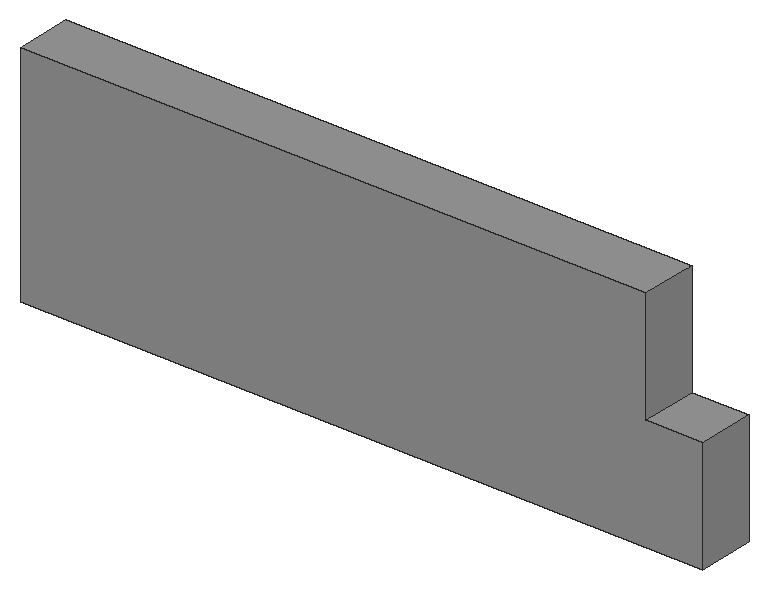
Revit family "6. Nordic_PRecta_ESP", category Generic Models, host Wall, Revit 2015
Parameters (values of type "Stonepanel® SKY Nordic. 20 cm - 60 cm")
  Ventajas de Stonepanel = "Eficaz: Instalación ágil y sencilla : 10 veces más rápido que la mampostería tradicional (Ritmo medio de colocación de 20 m2/día). Mayor rentabilidad gracias al menor desperdicio de material en obra y a la durabilidad de un producto natural frente a otros revestimientos. La colocación de los paneles no requiere mano de obra ni maquinaria especializada.\r\nSeguro: Un sistema de anclaje patentado, de acero inoxidable, que permite su instalación a más de 2 metros de altura. Base de cemento homogénea y rugosa que garantiza la adhesión y permite el corte sin desprendimiento.\r\nCalidad: Control permanente del proceso de producción desde la oficina I+D+I. Una cuidada selección de piedra natural realizada por los expertos de CUPASTONE. Disponibilidad de piezas especiales para adaptarse perfectamente a cada edificio: esquinas (macizas, rectas, dobles o para ventanas), cubremuros, y otros complementarios.\r\nEstética: Forma de “S” que evita la visión de las juntas para homogenizar el aspecto final. Gran variedad de paneles para elegir entre colores y acabados de piedra natural. La propia belleza y exclusividad de la piedra natural: Cada piedra es\r\núnica."
  Usos Indicados = "Revestimiento de Paredes exteriores e interiores en edificaciones nuevas o rehabilitaciones"
  Uniclass 2015 = "Pr_25_71_14_56 Natural stone panels"
  Uniclass 2 = "Pr_25_71_14_56 Natural stone panels"
  URL = "http://www.cupastone.es/producto/stonepanel-nilo/"
  Sistema de anclaje = "Cinta perforada en acero inoxidable:\r\n- Naturaleza del acero: AISI 316 (1.4401) o AISI 304 (1.4301)\r\n- Espesor mínimo (mm) : 0,7\r\n- Ancho (mm) : 12 a 15\r\n- Diámetro del hueco (mm) : 6 ± 1\r\n\r\nTacos:\r\nLa elección de los tacos y clavijas de fijación debe ser realizada teniendo en cuenta la acción en depresión del viento (muros exteriores) y de la resistencia de los tacos en el soporte, en función de la naturaleza del soporte."
  Resistencia al fuego = "No combustible"
  Resistencia a la flexión = "-"
  Resistencia al hielo = "Sin alteraciones despues de 50 ciclos"
  Resistencia = "Buena resistencia"
  Peso = "10 kg"
  Oxidación = "No oxida"
  Otros datos de interés del producto = "Dispone de un anclaje para instalar a alturas superiores a 2 metros"
  Omniclass = "23-15 15 15 11"
  Número de serie = "SPZ-33RB"
  NBS Reference = "45-25-45/380 Natural stone panels"
  Model = "Stonepanel® SKY Nordic"
  Material = "Panel de piedra natural de tonalidades grises y azules. Esta cuarcita transmite frescura y claridad para ofrecer un estilo sencillo y renovado."
  Limpieza = "En general, los paneles no requieren mantenimiento y son auto- limpiantes, pero la eliminación de algunos tipos de marcas pueden requerir un tratamiento especializado.\r\nEn caso de suciedad anormal, la superficie puede limpiarse con una mezcla / detergente doméstico y agua caliente , aplicada con una almohadilla de limpieza adecuado o una esponja."
  Largo = 600 mm
  Impacto = "-"
  Type Image = <None>
  Formato = "600x200"
  Forma de suministro = "Los paneles se presentan en parejas, en un embalaje plástico o en cajas de cartón de 3 o 4 piezas."
  Forma = "Forma de \"s\""
  Manufacturer = "Cupastone"
  Envejecimiento por cambio térmicos = "Sin alteraciones después de 20 ciclos."
  Ensayos realizados por SINTEF = "Ensayo a los materiales de piedra, Ensayos a los paneles, Durabilidad y absorción de agua"
  Ensayos realizados por DIBt = "Adherencia entre piedra y mortero, Adherencia entre piedra y mortero tras 50 ciclos de hielo-deshielo"
  Ensayos realizados por BBA = "Resistencia a daños por heladicidad, Resistencia a choque térmico, Adherencia entre piedra y mortero, Resistencia al arrancamiento del anclaje, Resistencia a impacto"
  Ensayos realizados por Avis Technique = "Resistencia mecánica del anclaje, Resistencia mecánica de la cinta de seguridad, Ensayo de durabilidad tras la acción del agua, Ensayo de durabilidad tras la acción del hielo, Ensayo sísmico"
  Durabilidad = "Según el certificado BBA, el sistema tiene una vida de diseño superior a 30 años."
  Detalles constructivos = "Detalles de:\r\n- Instalación con perfil metálico\r\n- Instalación de Stonepanel\r\n- Instalación en muro interior\r\n- Instalación del elemento de seguridad (cinta perforada + tacos)\r\n- Esquinas entrantes\r\n- Esquinas salientes\r\n- Esquinas salientes pre-fabricadas\r\n- Esquinas salientes mediante serrado del panel\r\n- Esquinas salientes sin continuidad de Stonepanel (caso de una fachada lateral)\r\n- Bordes superiores\r\n- Sobre parapeto\r\n- Marco de vano"
  Desfase de altura = 0 mm
  Description = "Pieza de piedra natural montada sobre una base de cemento y reforzada con una malla de fibra de vidrio .\r\nPosee sistema de anclaje patentado, de acero inoxidable, que permite su instalación a más de 2 metros de altura"
  Densidad aparente = "89 kg/m2"
  Color secundario = "Azulado"
  Color principal = "Gris"
  Certificaciones = "BBA - Reino Unido, Avis Technique - Francia, DIBt - Alemania, SINTEF - Noruega"
  Aspecto = "Contemporáneo"
  Ancho = 50 mm
  Alto = 200 mm
  Adherencia del mortero = ">1N/mm2"
  Acabado = "Natural (Opción de acabado Vintage SPZ 33TH)"
  Absorción = "Baja absorción"
Types (2, lengths in mm): name | URL
  Stonepanel® SKY Nordic | "http://www.cupastone.es/producto/stonepanel-nordic/"
  Stonepanel® SKY Nordic. 20 cm - 60 cm | "http://www.cupastone.es/producto/stonepanel-nilo/"
Reference planes
  plane 1 "Muro": y = 0
  plane 2 "Centro (Izquierda/Derecha)": x = 125
  plane 3 "Posterior": y = 75
Forms (mm)
  Extrusion 1, solid, material "Stonepanel® SKY Nordic"
    sketch origin (0, 160, 1120) x (1, 0, 0) y (0, 0, 1)
      loop
        line (125, -1120) -> (125, -1020) -> (75, -1020) -> (75, -920) -> (-475, -920) -> (-475, -1120) -> (125, -1120)
    from 35 to 85
Text (mm)
  text "Cara de colocación" at (-1848.837, 1116.779, 0), in view "Nivel de referencia"
  text "Cara de colocación" at (0, 1409.804, 2854.306), in view "Izquierda"
  text "Cara de colocación" at (0, 499.811, 2980.732), in view "Derecha"
Dimensions and locks
  locked: plane 3 "Posterior" to host wall
  locked: Extrusion 1 to plane 3 "Posterior" at 0
  "Ancho": Extrusion 1 to Extrusion 1
  "Largo": Extrusion 1 to Extrusion 1
  locked: Extrusion 1 to Extrusion 1 at 100
  "Desfase de altura": level to Extrusion 1
  locked: Extrusion 1 to Extrusion 1 at 50
  "Alto": Extrusion 1 to Extrusion 1
  aligned and locked: plane 1 "Muro" to host wall
Automatic sketch dimensions
  Extrusion 1 sketch curve to level = 0 mm
  Extrusion 1 sketch curve to plane 2 "Centro (Izquierda/Derecha)" = 0 mm
  Extrusion 1 sketch curve to plane 2 "Centro (Izquierda/Derecha)" = 50 mm
  level to Extrusion 1 sketch curve = 200 mm
  Extrusion 1 sketch curve to Extrusion 1 sketch curve = 550 mm
  level to Extrusion 1 sketch curve = 100 mm
